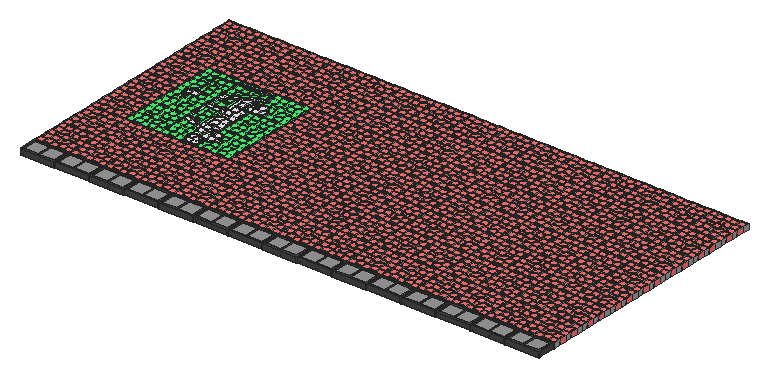
Revit family "ECORASTER® Parkplatz Typ 1 E-Auto", category Generic Models, Revit 2014
Parameters
  Width = 2200 mm
  Vertical Count = Width / Block Length  # 7
  Stein weiss = Mat_white
  Length = 5000 mm
  Horizontal Count = Length / Block Length  # 15
  E50 stones = Red
  E50 housing = Default
  E Auto Board = Green
  E Auto = White
  E = (Vertical Count * Block Length)  # 2310 mm
  D = Vertical Count * Block Length  # 2310 mm
  Bloxx halb housing = Black
  Block Length = 330 mm
Reference planes
  plane 1 "Center (Front/Back)": y = 0
  plane 2: z = 0
  plane 3 "Center (Left/Right)": x = 0
Dimensions and locks
  equal spacing: group 1, group 2, group 11, group 47, group 48, group 49, group 74  (x3)
  "Block Length": nested 1 to nested 2
  equal spacing: group 5, group 6, group 10, group 50, group 51, group 52, group 75  (x3)
  equal spacing: group 3, group 7, group 14, group 19, group 23, group 27, group 34, group 38, group 42, group 85, group 93, group 101, group 109, group 117, group 125  (x3)
  "Block Length": nested 4 to nested 2
  equal spacing: group 8, group 9, group 16, group 29, group 30, group 31, group 44, group 45, group 46, group 131, group 132, group 133, group 134, group 135, group 136  (x3)
  equal spacing: group 12, group 13, group 15, group 53, group 54, group 55, group 76  (x3)
  "Block Length": nested 10 to nested 11
  equal spacing: group 17, group 18, group 20, group 56, group 57, group 58, group 77  (x3)
  "Block Length": nested 14 to nested 15
  equal spacing: group 21, group 22, group 24, group 59, group 60, group 61, group 78  (x3)
  "Block Length": nested 17 to nested 18
  equal spacing: group 25, group 26, group 28, group 62, group 63, group 64, group 79  (x3)
  "Block Length": nested 20 to nested 21
  equal spacing: group 32, group 33, group 35, group 65, group 66, group 67, group 80  (x3)
  "Block Length": nested 26 to nested 27
  equal spacing: group 36, group 37, group 39, group 68, group 69, group 70, group 81  (x3)
  "Block Length": nested 29 to nested 30
  equal spacing: group 40, group 41, group 43, group 71, group 72, group 73, group 82  (x3)
  "Block Length": nested 32 to nested 33
  equal spacing: group 83, group 84, group 86, group 87, group 88, group 89, group 90  (x3)
  "Block Length": nested 75 to nested 76
  equal spacing: group 91, group 92, group 94, group 95, group 96, group 97, group 98  (x3)
  "Block Length": nested 82 to nested 83
  equal spacing: group 99, group 100, group 102, group 103, group 104, group 105, group 106  (x3)
  "Block Length": nested 89 to nested 90
  equal spacing: group 107, group 108, group 110, group 111, group 112, group 113, group 114  (x3)
  "Block Length": nested 96 to nested 97
  equal spacing: group 115, group 116, group 118, group 119, group 120, group 121, group 122  (x3)
  "Block Length": nested 103 to nested 104
  equal spacing: group 123, group 124, group 126, group 127, group 128, group 129, group 130  (x3)
  "Block Length": nested 110 to nested 111
  aligned and locked: plane 2 to level
Nested families
  nested 1: "E50_Red_Brick" at (-167, 165, 0), type "E50_Red_Brick"
  nested 2: "E50_Red_Brick" at (-167, 495, 0), type "E50_Red_Brick"
  nested 3: "E50_Red_Brick" at (163, 165, 0), type "E50_Red_Brick", not visible
  nested 4: "E50_Red_Brick" at (163, 165, 0), type "E50_Red_Brick"
  nested 5: "E50_Red_Brick" at (163, 495, 0), type "E50_Red_Brick"
  nested 6: "ECORASTER Half_Bloxx" at (-165, -180, 0), type "ECORASTER Half_Bloxx"
  nested 7: "ECORASTER Half_Bloxx" at (165, -180, 0), type "ECORASTER Half_Bloxx"
  nested 8: "E50_Red_Brick" at (163, 825, 0), type "E50_Red_Brick"
  nested 9: "E50_Red_Brick" at (-167, 825, 0), type "E50_Red_Brick"
  nested 10: "E50_Red_Brick" at (493, 165, 0), type "E50_Red_Brick"
  nested 11: "E50_Red_Brick" at (493, 495, 0), type "E50_Red_Brick"
  nested 12: "E50_Red_Brick" at (493, 825, 0), type "E50_Red_Brick"
  nested 13: "ECORASTER Half_Bloxx" at (495, -180, 0), type "ECORASTER Half_Bloxx"
  nested 14: "E50_Red_Brick" at (823, 165, 0), type "E50_Red_Brick"
  nested 15: "E50_Red_Brick" at (823, 495, 0), type "E50_Red_Brick"
  nested 16: "E50_Red_Brick" at (823, 825, 0), type "E50_Red_Brick"
  nested 17: "E50_Red_Brick" at (1153, 165, 0), type "E50_Red_Brick"
  nested 18: "E50_Red_Brick" at (1153, 495, 0), type "E50_Red_Brick"
  nested 19: "E50_Red_Brick" at (1153, 825, 0), type "E50_Red_Brick"
  nested 20: "E50_Red_Brick" at (1483, 165, 0), type "E50_Red_Brick"
  nested 21: "E50_Red_Brick" at (1483, 495, 0), type "E50_Red_Brick"
  nested 22: "E50_Red_Brick" at (1483, 825, 0), type "E50_Red_Brick"
  nested 23: "ECORASTER Half_Bloxx" at (825, -180, 0), type "ECORASTER Half_Bloxx"
  nested 24: "ECORASTER Half_Bloxx" at (1155, -180, 0), type "ECORASTER Half_Bloxx"
  nested 25: "ECORASTER Half_Bloxx" at (1485, -180, 0), type "ECORASTER Half_Bloxx"
  nested 26: "E50_Red_Brick" at (1813, 165, 0), type "E50_Red_Brick"
  nested 27: "E50_Red_Brick" at (1813, 495, 0), type "E50_Red_Brick"
  nested 28: "E50_Red_Brick" at (1813, 825, 0), type "E50_Red_Brick"
  nested 29: "E50_Red_Brick" at (2143, 165, 0), type "E50_Red_Brick"
  nested 30: "E50_Red_Brick" at (2143, 495, 0), type "E50_Red_Brick"
  nested 31: "E50_Red_Brick" at (2143, 825, 0), type "E50_Red_Brick"
  nested 32: "E50_Red_Brick" at (2473, 165, 0), type "E50_Red_Brick"
  nested 33: "E50_Red_Brick" at (2473, 495, 0), type "E50_Red_Brick"
  nested 34: "E50_Red_Brick" at (2473, 825, 0), type "E50_Red_Brick"
  nested 35: "ECORASTER Half_Bloxx" at (1815, -180, 0), type "ECORASTER Half_Bloxx"
  nested 36: "ECORASTER Half_Bloxx" at (2145, -180, 0), type "ECORASTER Half_Bloxx"
  nested 37: "ECORASTER Half_Bloxx" at (2475, -180, 0), type "ECORASTER Half_Bloxx"
  nested 38: "E50_Red_Brick" at (-167, 1155, 0), type "E50_Red_Brick"
  nested 39: "E50_Red_Brick" at (-167, 1485, 0), type "E50_Red_Brick"
  nested 40: "E50_Red_Brick" at (-167, 1815, 0), type "E50_Red_Brick"
  nested 41: "E50_Red_Brick" at (163, 1155, 0), type "E50_Red_Brick"
  nested 42: "E50_Red_Brick" at (163, 1485, 0), type "E50_Red_Brick"
  nested 43: "E50_Red_Brick" at (163, 1815, 0), type "E50_Red_Brick"
  nested 44: "E50_Red_Brick" at (493, 1155, 0), type "E50_Red_Brick"
  nested 45: "E50_Red_Brick" at (493, 1485, 0), type "E50_Red_Brick"
  nested 46: "E50_Red_Brick" at (493, 1815, 0), type "E50_Red_Brick"
  nested 47: "E50_Red_Brick" at (823, 1155, 0), type "E50_Red_Brick"
  nested 48: "E50_Red_Brick" at (823, 1485, 0), type "E50_Red_Brick"
  nested 49: "E50_Red_Brick" at (823, 1815, 0), type "E50_Red_Brick"
  nested 50: "E50_Red_Brick" at (1153, 1155, 0), type "E50_Red_Brick"
  nested 51: "E50_Red_Brick" at (1153, 1485, 0), type "E50_Red_Brick"
  nested 52: "E50_Red_Brick" at (1153, 1815, 0), type "E50_Red_Brick"
  nested 53: "E50_Red_Brick" at (1483, 1155, 0), type "E50_Red_Brick"
  nested 54: "E50_Red_Brick" at (1483, 1485, 0), type "E50_Red_Brick"
  nested 55: "E50_Red_Brick" at (1483, 1815, 0), type "E50_Red_Brick"
  nested 56: "E50_Red_Brick" at (1813, 1155, 0), type "E50_Red_Brick"
  nested 57: "E50_Red_Brick" at (1813, 1485, 0), type "E50_Red_Brick"
  nested 58: "E50_Red_Brick" at (1813, 1815, 0), type "E50_Red_Brick"
  nested 59: "E50_Red_Brick" at (2143, 1155, 0), type "E50_Red_Brick"
  nested 60: "E50_Red_Brick" at (2143, 1485, 0), type "E50_Red_Brick"
  nested 61: "E50_Red_Brick" at (2143, 1815, 0), type "E50_Red_Brick"
  nested 62: "E50_Red_Brick" at (2473, 1155, 0), type "E50_Red_Brick"
  nested 63: "E50_Red_Brick" at (2473, 1485, 0), type "E50_Red_Brick"
  nested 64: "E50_Red_Brick" at (2473, 1815, 0), type "E50_Red_Brick"
  nested 65: "E50_Red_Brick" at (-167, 2145, 0), type "E50_Red_Brick"
  nested 66: "E50_Red_Brick" at (163, 2145, 0), type "E50_Red_Brick"
  nested 67: "E50_Red_Brick" at (493, 2145, 0), type "E50_Red_Brick"
  nested 68: "E50_Red_Brick" at (823, 2145, 0), type "E50_Red_Brick"
  nested 69: "E50_Red_Brick" at (1153, 2145, 0), type "E50_Red_Brick"
  nested 70: "E50_Red_Brick" at (1483, 2145, 0), type "E50_Red_Brick"
  nested 71: "E50_Red_Brick" at (1813, 2145, 0), type "E50_Red_Brick"
  nested 72: "E50_Red_Brick" at (2143, 2145, 0), type "E50_Red_Brick"
  nested 73: "E50_Red_Brick" at (2473, 2145, 0), type "E50_Red_Brick"
  nested 74: "E_Auto" at (990, 660, 50) x (0, 1, 0) z (0, 0, 1), type "E_Auto"
  nested 75: "E50_Red_Brick" at (2803, 165, 0), type "E50_Red_Brick"
  nested 76: "E50_Red_Brick" at (2803, 495, 0), type "E50_Red_Brick"
  nested 77: "E50_Red_Brick" at (2803, 825, 0), type "E50_Red_Brick"
  nested 78: "E50_Red_Brick" at (2803, 1155, 0), type "E50_Red_Brick"
  nested 79: "E50_Red_Brick" at (2803, 1485, 0), type "E50_Red_Brick"
  nested 80: "E50_Red_Brick" at (2803, 1815, 0), type "E50_Red_Brick"
  nested 81: "E50_Red_Brick" at (2803, 2145, 0), type "E50_Red_Brick"
  nested 82: "E50_Red_Brick" at (3133, 165, 0), type "E50_Red_Brick"
  nested 83: "E50_Red_Brick" at (3133, 495, 0), type "E50_Red_Brick"
  nested 84: "E50_Red_Brick" at (3133, 825, 0), type "E50_Red_Brick"
  nested 85: "E50_Red_Brick" at (3133, 1155, 0), type "E50_Red_Brick"
  nested 86: "E50_Red_Brick" at (3133, 1485, 0), type "E50_Red_Brick"
  nested 87: "E50_Red_Brick" at (3133, 1815, 0), type "E50_Red_Brick"
  nested 88: "E50_Red_Brick" at (3133, 2145, 0), type "E50_Red_Brick"
  nested 89: "E50_Red_Brick" at (3463, 165, 0), type "E50_Red_Brick"
  nested 90: "E50_Red_Brick" at (3463, 495, 0), type "E50_Red_Brick"
  nested 91: "E50_Red_Brick" at (3463, 825, 0), type "E50_Red_Brick"
  nested 92: "E50_Red_Brick" at (3463, 1155, 0), type "E50_Red_Brick"
  nested 93: "E50_Red_Brick" at (3463, 1485, 0), type "E50_Red_Brick"
  nested 94: "E50_Red_Brick" at (3463, 1815, 0), type "E50_Red_Brick"
  nested 95: "E50_Red_Brick" at (3463, 2145, 0), type "E50_Red_Brick"
  nested 96: "E50_Red_Brick" at (3793, 165, 0), type "E50_Red_Brick"
  nested 97: "E50_Red_Brick" at (3793, 495, 0), type "E50_Red_Brick"
  nested 98: "E50_Red_Brick" at (3793, 825, 0), type "E50_Red_Brick"
  nested 99: "E50_Red_Brick" at (3793, 1155, 0), type "E50_Red_Brick"
  nested 100: "E50_Red_Brick" at (3793, 1485, 0), type "E50_Red_Brick"
  nested 101: "E50_Red_Brick" at (3793, 1815, 0), type "E50_Red_Brick"
  nested 102: "E50_Red_Brick" at (3793, 2145, 0), type "E50_Red_Brick"
  nested 103: "E50_Red_Brick" at (4123, 165, 0), type "E50_Red_Brick"
  nested 104: "E50_Red_Brick" at (4123, 495, 0), type "E50_Red_Brick"
  nested 105: "E50_Red_Brick" at (4123, 825, 0), type "E50_Red_Brick"
  nested 106: "E50_Red_Brick" at (4123, 1155, 0), type "E50_Red_Brick"
  nested 107: "E50_Red_Brick" at (4123, 1485, 0), type "E50_Red_Brick"
  nested 108: "E50_Red_Brick" at (4123, 1815, 0), type "E50_Red_Brick"
  nested 109: "E50_Red_Brick" at (4123, 2145, 0), type "E50_Red_Brick"
  nested 110: "E50_Red_Brick" at (4453, 165, 0), type "E50_Red_Brick"
  nested 111: "E50_Red_Brick" at (4453, 495, 0), type "E50_Red_Brick"
  nested 112: "E50_Red_Brick" at (4453, 825, 0), type "E50_Red_Brick"
  nested 113: "E50_Red_Brick" at (4453, 1155, 0), type "E50_Red_Brick"
  nested 114: "E50_Red_Brick" at (4453, 1485, 0), type "E50_Red_Brick"
  nested 115: "E50_Red_Brick" at (4453, 1815, 0), type "E50_Red_Brick"
  nested 116: "E50_Red_Brick" at (4453, 2145, 0), type "E50_Red_Brick"
  nested 117: "ECORASTER Half_Bloxx" at (2805, -180, 0), type "ECORASTER Half_Bloxx"
  nested 118: "ECORASTER Half_Bloxx" at (3135, -180, 0), type "ECORASTER Half_Bloxx"
  nested 119: "ECORASTER Half_Bloxx" at (3465, -180, 0), type "ECORASTER Half_Bloxx"
  nested 120: "ECORASTER Half_Bloxx" at (3795, -180, 0), type "ECORASTER Half_Bloxx"
  nested 121: "ECORASTER Half_Bloxx" at (4125, -180, 0), type "ECORASTER Half_Bloxx"
  nested 122: "ECORASTER Half_Bloxx" at (4455, -180, 0), type "ECORASTER Half_Bloxx"
Definition of nested family "E50_Red_Brick"
  Parameters (values of type "E50_Red_Brick")
    Model = "Ecoraster E40"
    E50 stones = Red
    E 50 housing = Default
  Reference planes
    plane 1 "Center (Front/Back)": y = 0
    plane 2: z = 0
    plane 3 "Center (Left/Right)": x = 0
  Forms (mm)
    Extrusion 1, solid, material "Default" <- "E 50 housing", detail levels fine
      sketch origin (-163, -165, 0) x (1, 0, 0) y (0, 1, 0)
        loop
          line (66, 330) -> (0, 330) -> (0, 264)
          arc (0, 264) -> (13.669, 231) -> (0, 198) r 46.669
          line (0, 198) -> (0, 132)
          arc (0, 132) -> (13.669, 99) -> (0, 66) r 46.669
          line (0, 66) -> (0, 0) -> (66, 0)
          arc (66, 0) -> (99, 13.669) -> (132, 0) r 46.669
          line (132, 0) -> (198, 0)
          arc (198, 0) -> (231, 13.669) -> (264, 0) r 46.669
          line (264, 0) -> (330, 0) -> (330, 66)
          arc (330, 66) -> (316.331, 99) -> (330, 132) r 46.669
          line (330, 132) -> (330, 198)
          arc (330, 198) -> (316.331, 231) -> (330, 264) r 46.669
          line (330, 264) -> (330, 330) -> (264, 330)
          arc (264, 330) -> (231, 316.331) -> (198, 330) r 46.669
          line (198, 330) -> (132, 330)
          arc (132, 330) -> (99, 316.331) -> (66, 330) r 46.669
        loop
          line (3, 327) -> (3, 267) -> (63, 267) -> (63, 327) -> (3, 327)
        loop
          line (66, 325.878) -> (66, 268.122) -> (75.524, 256.665)
          arc (75.524, 256.665) -> (105.011, 250.72) -> (132, 264) r 46.669
          line (132, 264) -> (132, 325.878)
          arc (132, 325.878) -> (99, 313.331) -> (66, 325.878) r 49.669
        loop
          line (195, 327) -> (135, 327) -> (135, 267) -> (195, 267) -> (195, 327)
        loop
          line (198, 325.878) -> (198, 264)
          arc (198, 264) -> (224.989, 250.72) -> (254.476, 256.665) r 46.669
          line (254.476, 256.665) -> (264, 268.122) -> (264, 325.878)
          arc (264, 325.878) -> (231, 313.331) -> (198, 325.878) r 49.669
        loop
          line (327, 327) -> (267, 327) -> (267, 267) -> (327, 267) -> (327, 327)
        loop
          line (61.878, 264) -> (4.122, 264)
          arc (4.122, 264) -> (16.669, 231) -> (4.122, 198) r 49.669
          line (4.122, 198) -> (66, 198)
          arc (66, 198) -> (79.28, 224.989) -> (73.335, 254.476) r 46.669
          line (73.335, 254.476) -> (61.878, 264)
        loop
          arc (78.021, 251.979) -> (81.922, 222.416) -> (68.19, 195.947) r 49.669
          arc (68.19, 195.947) -> (132, 198) -> (134.053, 261.81) r 46.669
          arc (134.053, 261.81) -> (107.584, 248.078) -> (78.021, 251.979) r 49.669
        loop
          arc (136.122, 264) -> (148.669, 231) -> (136.122, 198) r 49.669
          line (136.122, 198) -> (193.878, 198)
          arc (193.878, 198) -> (181.331, 231) -> (193.878, 264) r 49.669
          line (193.878, 264) -> (136.122, 264)
        loop
          arc (195.947, 261.81) -> (198, 198) -> (261.81, 195.947) r 46.669
          arc (261.81, 195.947) -> (248.078, 222.416) -> (251.979, 251.979) r 49.669
          arc (251.979, 251.979) -> (222.416, 248.078) -> (195.947, 261.81) r 49.669
        loop
          line (268.122, 264) -> (256.665, 254.476)
          arc (256.665, 254.476) -> (250.72, 224.989) -> (264, 198) r 46.669
          line (264, 198) -> (325.878, 198)
          arc (325.878, 198) -> (313.331, 231) -> (325.878, 264) r 49.669
          line (325.878, 264) -> (268.122, 264)
        loop
          line (3, 195) -> (3, 135) -> (63, 135) -> (63, 195) -> (3, 195)
        loop
          line (66, 193.878) -> (66, 136.122)
          arc (66, 136.122) -> (99, 148.669) -> (132, 136.122) r 49.669
          line (132, 136.122) -> (132, 193.878)
          arc (132, 193.878) -> (99, 181.331) -> (66, 193.878) r 49.669
        loop
          line (195, 195) -> (135, 195) -> (135, 135) -> (195, 135) -> (195, 195)
        loop
          line (198, 193.878) -> (198, 136.122)
          arc (198, 136.122) -> (231, 148.669) -> (264, 136.122) r 49.669
          line (264, 136.122) -> (264, 193.878)
          arc (264, 193.878) -> (231, 181.331) -> (198, 193.878) r 49.669
        loop
          line (327, 195) -> (267, 195) -> (267, 135) -> (327, 135) -> (327, 195)
        loop
          line (66, 132) -> (4.122, 132)
          arc (4.122, 132) -> (16.669, 99) -> (4.122, 66) r 49.669
          line (4.122, 66) -> (61.878, 66) -> (73.335, 75.524)
          arc (73.335, 75.524) -> (79.28, 105.011) -> (66, 132) r 46.669
        loop
          arc (134.053, 68.19) -> (132, 132) -> (68.19, 134.053) r 46.669
          arc (68.19, 134.053) -> (81.922, 107.584) -> (78.021, 78.021) r 49.669
          arc (78.021, 78.021) -> (107.584, 81.922) -> (134.053, 68.19) r 49.669
        loop
          arc (136.122, 132) -> (148.669, 99) -> (136.122, 66) r 49.669
          line (136.122, 66) -> (193.878, 66)
          arc (193.878, 66) -> (181.331, 99) -> (193.878, 132) r 49.669
          line (193.878, 132) -> (136.122, 132)
        loop
          arc (261.81, 134.053) -> (198, 132) -> (195.947, 68.19) r 46.669
          arc (195.947, 68.19) -> (222.416, 81.922) -> (251.979, 78.021) r 49.669
          arc (251.979, 78.021) -> (248.078, 107.584) -> (261.81, 134.053) r 49.669
        loop
          arc (264, 132) -> (250.72, 105.011) -> (256.665, 75.524) r 46.669
          line (256.665, 75.524) -> (268.122, 66) -> (325.878, 66)
          arc (325.878, 66) -> (313.331, 99) -> (325.878, 132) r 49.669
          line (325.878, 132) -> (264, 132)
        loop
          line (63, 63) -> (3, 63) -> (3, 3) -> (63, 3) -> (63, 63)
        loop
          arc (132, 66) -> (105.011, 79.28) -> (75.524, 73.335) r 46.669
          line (75.524, 73.335) -> (66, 61.878) -> (66, 4.122)
          arc (66, 4.122) -> (99, 16.669) -> (132, 4.122) r 49.669
          line (132, 4.122) -> (132, 66)
        loop
          line (135, 63) -> (135, 3) -> (195, 3) -> (195, 63) -> (135, 63)
        loop
          arc (254.476, 73.335) -> (224.989, 79.28) -> (198, 66) r 46.669
          line (198, 66) -> (198, 4.122)
          arc (198, 4.122) -> (231, 16.669) -> (264, 4.122) r 49.669
          line (264, 4.122) -> (264, 61.878) -> (254.476, 73.335)
        loop
          line (267, 63) -> (267, 3) -> (327, 3) -> (327, 63) -> (267, 63)
      from 0 to 50
    Extrusion 2, void, detail levels fine
      sketch origin (-163, -165, 0) x (1, 0, 0) y (0, 1, 0)
        loop
          line (0, 299) -> (0, 295) -> (3, 295) -> (3, 299) -> (0, 299)
      from 0 to 20
    Extrusion 3, void, detail levels fine
      sketch origin (-163, -297, 0) x (1, 0, 0) y (0, 1, 0)
        loop
          line (0, 299) -> (0, 295) -> (3, 295) -> (3, 299) -> (0, 299)
      from 0 to 20
    Extrusion 4, void, detail levels fine
      sketch origin (-163, -429, 0) x (1, 0, 0) y (0, 1, 0)
        loop
          line (0, 299) -> (0, 295) -> (3, 295) -> (3, 299) -> (0, 299)
      from 0 to 20
    Extrusion 5, void, detail levels fine
      sketch origin (-427, -162, 0) x (0, -1, 0) y (1, 0, 0)
        loop
          line (0, 299) -> (0, 295) -> (3, 295) -> (3, 299) -> (0, 299)
      from 0 to 20
    Extrusion 6, void, detail levels fine
      sketch origin (-295, -162, 0) x (0, -1, 0) y (1, 0, 0)
        loop
          line (0, 299) -> (0, 295) -> (3, 295) -> (3, 299) -> (0, 299)
      from 0 to 20
    Extrusion 7, void, detail levels fine
      sketch origin (-163, -162, 0) x (0, -1, 0) y (1, 0, 0)
        loop
          line (0, 299) -> (0, 295) -> (3, 295) -> (3, 299) -> (0, 299)
      from 0 to 20
    Extrusion 8, solid, material "Default" <- "E 50 housing", detail levels coarse
      sketch origin (-163, -165, 0) x (1, 0, 0) y (0, 1, 0)
        loop
          line (0, 330) -> (0, 0) -> (330, 0) -> (330, 330) -> (0, 330)
      from 0 to 50
    Extrusion 9, solid, material "Default" <- "E 50 housing", detail levels medium
      sketch origin (-163, -165, 0) x (1, 0, 0) y (0, 1, 0)
        loop
          line (66, 330) -> (0, 330) -> (0, 264)
          arc (0, 264) -> (13.669, 231) -> (0, 198) r 46.669
          line (0, 198) -> (0, 132)
          arc (0, 132) -> (13.669, 99) -> (0, 66) r 46.669
          line (0, 66) -> (0, 0) -> (66, 0)
          arc (66, 0) -> (99, 13.669) -> (132, 0) r 46.669
          line (132, 0) -> (198, 0)
          arc (198, 0) -> (231, 13.669) -> (264, 0) r 46.669
          line (264, 0) -> (330, 0) -> (330, 66)
          arc (330, 66) -> (316.331, 99) -> (330, 132) r 46.669
          line (330, 132) -> (330, 198)
          arc (330, 198) -> (316.331, 231) -> (330, 264) r 46.669
          line (330, 264) -> (330, 330) -> (264, 330)
          arc (264, 330) -> (231, 316.331) -> (198, 330) r 46.669
          line (198, 330) -> (132, 330)
          arc (132, 330) -> (99, 316.331) -> (66, 330) r 46.669
      from 0 to 50
    Extrusion 10, solid, material "Red" <- "E50 stones", detail levels fine
      sketch origin (0, 0, 0) x (1, 0, 0) y (0, 1, 0)
        loop
          line (-100, 102) -> (-100, 162) -> (-160, 162) -> (-160, 102) -> (-100, 102)
        loop
          line (-31, 99) -> (-31, 160.878)
          arc (-31, 160.878) -> (-64, 148.331) -> (-97, 160.878) r 49.669
          line (-97, 160.878) -> (-97, 103.122) -> (-87.476, 91.665)
          arc (-87.476, 91.665) -> (-57.989, 85.72) -> (-31, 99) r 46.669
        loop
          line (32, 102) -> (32, 162) -> (-28, 162) -> (-28, 102) -> (32, 102)
        loop
          line (91.476, 91.665) -> (101, 103.122) -> (101, 160.878)
          arc (101, 160.878) -> (68, 148.331) -> (35, 160.878) r 49.669
          line (35, 160.878) -> (35, 99)
          arc (35, 99) -> (61.989, 85.72) -> (91.476, 91.665) r 46.669
        loop
          line (164, 102) -> (164, 162) -> (104, 162) -> (104, 102) -> (164, 102)
        loop
          line (101, 33) -> (162.878, 33)
          arc (162.878, 33) -> (150.331, 66) -> (162.878, 99) r 49.669
          line (162.878, 99) -> (105.122, 99) -> (93.665, 89.476)
          arc (93.665, 89.476) -> (87.72, 59.989) -> (101, 33) r 46.669
        loop
          arc (98.81, 30.947) -> (85.078, 57.416) -> (88.979, 86.979) r 49.669
          arc (88.979, 86.979) -> (59.416, 83.078) -> (32.947, 96.81) r 49.669
          arc (32.947, 96.81) -> (35, 33) -> (98.81, 30.947) r 46.669
        loop
          arc (30.878, 33) -> (18.331, 66) -> (30.878, 99) r 49.669
          line (30.878, 99) -> (-26.878, 99)
          arc (-26.878, 99) -> (-14.331, 66) -> (-26.878, 33) r 49.669
          line (-26.878, 33) -> (30.878, 33)
        loop
          arc (-28.947, 96.81) -> (-55.416, 83.078) -> (-84.979, 86.979) r 49.669
          arc (-84.979, 86.979) -> (-81.078, 57.416) -> (-94.81, 30.947) r 49.669
          arc (-94.81, 30.947) -> (-31, 33) -> (-28.947, 96.81) r 46.669
        loop
          arc (-97, 33) -> (-83.72, 59.989) -> (-89.665, 89.476) r 46.669
          line (-89.665, 89.476) -> (-101.122, 99) -> (-158.878, 99)
          arc (-158.878, 99) -> (-146.331, 66) -> (-158.878, 33) r 49.669
          line (-158.878, 33) -> (-97, 33)
        loop
          arc (-158.878, -33) -> (-146.331, -66) -> (-158.878, -99) r 49.669
          line (-158.878, -99) -> (-101.122, -99) -> (-89.665, -89.476)
          arc (-89.665, -89.476) -> (-83.72, -59.989) -> (-97, -33) r 46.669
          line (-97, -33) -> (-158.878, -33)
        loop
          line (-100, -30) -> (-100, 30) -> (-160, 30) -> (-160, -30) -> (-100, -30)
        loop
          line (-31, -28.878) -> (-31, 28.878)
          arc (-31, 28.878) -> (-64, 16.331) -> (-97, 28.878) r 49.669
          line (-97, 28.878) -> (-97, -28.878)
          arc (-97, -28.878) -> (-64, -16.331) -> (-31, -28.878) r 49.669
        loop
          line (32, -30) -> (32, 30) -> (-28, 30) -> (-28, -30) -> (32, -30)
        loop
          line (101, -28.878) -> (101, 28.878)
          arc (101, 28.878) -> (68, 16.331) -> (35, 28.878) r 49.669
          line (35, 28.878) -> (35, -28.878)
          arc (35, -28.878) -> (68, -16.331) -> (101, -28.878) r 49.669
        loop
          line (164, -30) -> (164, 30) -> (104, 30) -> (104, -30) -> (164, -30)
        loop
          line (93.665, -89.476) -> (105.122, -99) -> (162.878, -99)
          arc (162.878, -99) -> (150.331, -66) -> (162.878, -33) r 49.669
          line (162.878, -33) -> (101, -33)
          arc (101, -33) -> (87.72, -59.989) -> (93.665, -89.476) r 46.669
        loop
          arc (88.979, -86.979) -> (85.078, -57.416) -> (98.81, -30.947) r 49.669
          arc (98.81, -30.947) -> (35, -33) -> (32.947, -96.81) r 46.669
          arc (32.947, -96.81) -> (59.416, -83.078) -> (88.979, -86.979) r 49.669
        loop
          line (30.878, -33) -> (-26.878, -33)
          arc (-26.878, -33) -> (-14.331, -66) -> (-26.878, -99) r 49.669
          line (-26.878, -99) -> (30.878, -99)
          arc (30.878, -99) -> (18.331, -66) -> (30.878, -33) r 49.669
        loop
          arc (-94.81, -30.947) -> (-81.078, -57.416) -> (-84.979, -86.979) r 49.669
          arc (-84.979, -86.979) -> (-55.416, -83.078) -> (-28.947, -96.81) r 49.669
          arc (-28.947, -96.81) -> (-31, -33) -> (-94.81, -30.947) r 46.669
        loop
          line (-100, -102) -> (-160, -102) -> (-160, -162) -> (-100, -162) -> (-100, -102)
        loop
          line (-97, -103.122) -> (-97, -160.878)
          arc (-97, -160.878) -> (-64, -148.331) -> (-31, -160.878) r 49.669
          line (-31, -160.878) -> (-31, -99)
          arc (-31, -99) -> (-57.989, -85.72) -> (-87.476, -91.665) r 46.669
          line (-87.476, -91.665) -> (-97, -103.122)
        loop
          line (-28, -102) -> (-28, -162) -> (32, -162) -> (32, -102) -> (-28, -102)
        loop
          line (35, -99) -> (35, -160.878)
          arc (35, -160.878) -> (68, -148.331) -> (101, -160.878) r 49.669
          line (101, -160.878) -> (101, -103.122) -> (91.476, -91.665)
          arc (91.476, -91.665) -> (61.989, -85.72) -> (35, -99) r 46.669
        loop
          line (104, -102) -> (104, -162) -> (164, -162) -> (164, -102) -> (104, -102)
        loop
          line (-31, 165) -> (-97, 165)
          arc (-97, 165) -> (-64, 151.331) -> (-31, 165) r 46.669
        loop
          line (101, 165) -> (35, 165)
          arc (35, 165) -> (68, 151.331) -> (101, 165) r 46.669
        loop
          line (167, 33) -> (167, 99)
          arc (167, 99) -> (153.331, 66) -> (167, 33) r 46.669
        loop
          line (167, -99) -> (167, -33)
          arc (167, -33) -> (153.331, -66) -> (167, -99) r 46.669
        loop
          line (35, -165) -> (101, -165)
          arc (101, -165) -> (68, -151.331) -> (35, -165) r 46.669
        loop
          line (-97, -165) -> (-31, -165)
          arc (-31, -165) -> (-64, -151.331) -> (-97, -165) r 46.669
        loop
          line (-163, -33) -> (-163, -99)
          arc (-163, -99) -> (-149.331, -66) -> (-163, -33) r 46.669
        loop
          line (-163, 99) -> (-163, 33)
          arc (-163, 33) -> (-149.331, 66) -> (-163, 99) r 46.669
      from 0 to 50
  Cuts and joins
    Extrusion 2, Extrusion 3, Extrusion 4, Extrusion 5, Extrusion 6, Extrusion 7 cuts Extrusion 1
  Dimensions and locks
    aligned and locked: Extrusion 8 to cut or joined group of Extrusion 1, Extrusion 2, Extrusion 3, Extrusion 4, Extrusion 5, Extrusion 6, Extrusion 7
Definition of nested family "ECORASTER Half_Bloxx"
  Parameters (values of type "ECORASTER Half_Bloxx")
    Stein weiss = Mat_white
    Bloxx halb housing = Black
  Reference planes
    plane 1 "Center (Front/Back)": y = 0
    plane 2: z = 0
    plane 3 "Center (Left/Right)": x = 0
  Forms (mm)
    Extrusion 1, solid, material "Black" <- "Bloxx halb housing", detail levels fine
      sketch origin (0, 12.645, 0) x (1, 0, 0) y (0, 1, 0)
        loop
          spline (-158.001, 167.355) -> (-158.915, 167.295) -> (-159.813, 167.117) -> (-160.68, 166.823) -> (-161.501, 166.418) -> (-162.262, 165.909) -> (-162.95, 165.305) -> (-163.554, 164.617) -> (-164.062, 163.856) -> (-164.467, 163.035) -> (-164.762, 162.168) -> (-164.94, 161.27) -> (-165, 160.356)
          line (-165, 160.356) -> (-165, -5.646)
          spline (-165, -5.646) -> (-164.94, -6.559) -> (-164.762, -7.457) -> (-164.467, -8.324) -> (-164.062, -9.145) -> (-163.554, -9.907) -> (-162.95, -10.595) -> (-162.262, -11.198) -> (-161.501, -11.707) -> (-160.68, -12.112) -> (-159.813, -12.406) -> (-158.915, -12.585) -> (-158.001, -12.645)
          line (-158.001, -12.645) -> (158.001, -12.645)
          spline (158.001, -12.645) -> (158.915, -12.585) -> (159.813, -12.406) -> (160.68, -12.112) -> (161.501, -11.707) -> (162.262, -11.198) -> (162.95, -10.595) -> (163.554, -9.907) -> (164.062, -9.145) -> (164.467, -8.324) -> (164.762, -7.457) -> (164.94, -6.559) -> (165, -5.646)
          line (165, -5.646) -> (165, 160.356)
          spline (165, 160.356) -> (164.94, 161.27) -> (164.762, 162.168) -> (164.467, 163.035) -> (164.062, 163.856) -> (163.554, 164.617) -> (162.95, 165.305) -> (162.262, 165.909) -> (161.501, 166.418) -> (160.68, 166.823) -> (159.813, 167.117) -> (158.915, 167.295) -> (158.001, 167.355)
          line (158.001, 167.355) -> (-158.001, 167.355)
        loop
          spline (-145.384, 148.384) -> (-145.776, 148.358) -> (-146.161, 148.282) -> (-146.532, 148.156) -> (-146.884, 147.982) -> (-147.211, 147.764) -> (-147.506, 147.506) -> (-147.764, 147.211) -> (-147.982, 146.884) -> (-148.156, 146.532) -> (-148.282, 146.161) -> (-148.358, 145.776) -> (-148.384, 145.384)
          line (-148.384, 145.384) -> (-148.384, 5.474)
          arc (-148.384, 5.474) -> (-147.505, 3.353) -> (-145.384, 2.474) r 3
          line (-145.384, 2.474) -> (-5.474, 2.474)
          arc (-5.474, 2.474) -> (-3.353, 3.353) -> (-2.474, 5.474) r 3
          line (-2.474, 5.474) -> (-2.474, 145.384)
          arc (-2.474, 145.384) -> (-3.353, 147.505) -> (-5.474, 148.384) r 3
          line (-5.474, 148.384) -> (-145.384, 148.384)
        loop
          line (145.384, 148.384) -> (5.474, 148.384)
          arc (5.474, 148.384) -> (3.353, 147.505) -> (2.474, 145.384) r 3
          line (2.474, 145.384) -> (2.474, 5.474)
          arc (2.474, 5.474) -> (3.353, 3.353) -> (5.474, 2.474) r 3
          line (5.474, 2.474) -> (145.384, 2.474)
          arc (145.384, 2.474) -> (147.505, 3.353) -> (148.384, 5.474) r 3
          line (148.384, 5.474) -> (148.384, 145.384)
          spline (148.384, 145.384) -> (148.358, 145.776) -> (148.282, 146.161) -> (148.156, 146.532) -> (147.982, 146.884) -> (147.764, 147.211) -> (147.506, 147.506) -> (147.211, 147.764) -> (146.884, 147.982) -> (146.532, 148.156) -> (146.161, 148.282) -> (145.776, 148.358) -> (145.384, 148.384)
      from 0 to 50
    Extrusion 2, solid, material "Black" <- "Bloxx halb housing", detail levels fine
      sketch origin (0, 12.645, 0) x (1, 0, 0) y (0, 1, 0)
        loop
          arc (-54.55, 109.477) -> (-50.722, 108.655) -> (-47.202, 110.369) r 6
          line (-47.202, 110.369) -> (-30.523, 127.048)
          spline (-30.523, 127.048) -> (-30.081, 127.584) -> (-29.752, 128.191) -> (-29.548, 128.848) -> (-29.476, 129.529) -> (-29.54, 130.209) -> (-29.736, 130.861) -> (-30.058, 131.461) -> (-30.494, 131.986) -> (-31.026, 132.417) -> (-31.635, 132.737) -> (-32.297, 132.934) -> (-32.989, 133)
          line (-32.989, 133) -> (-117.511, 133)
          spline (-117.511, 133) -> (-118.203, 132.934) -> (-118.865, 132.737) -> (-119.474, 132.417) -> (-120.006, 131.986) -> (-120.442, 131.461) -> (-120.764, 130.861) -> (-120.96, 130.209) -> (-121.024, 129.529) -> (-120.952, 128.848) -> (-120.748, 128.191) -> (-120.419, 127.584) -> (-119.977, 127.048)
          line (-119.977, 127.048) -> (-103.298, 110.369)
          arc (-103.298, 110.369) -> (-99.778, 108.655) -> (-95.95, 109.477) r 6
          arc (-95.95, 109.477) -> (-75.25, 115.25) -> (-54.55, 109.477) r 40
        loop
          spline (-127.048, 119.977) -> (-127.584, 120.419) -> (-128.191, 120.748) -> (-128.848, 120.952) -> (-129.529, 121.024) -> (-130.209, 120.96) -> (-130.861, 120.764) -> (-131.461, 120.442) -> (-131.986, 120.006) -> (-132.417, 119.474) -> (-132.737, 118.865) -> (-132.934, 118.203) -> (-133, 117.511)
          line (-133, 117.511) -> (-133, 32.989)
          spline (-133, 32.989) -> (-132.934, 32.297) -> (-132.737, 31.635) -> (-132.417, 31.026) -> (-131.986, 30.494) -> (-131.461, 30.058) -> (-130.861, 29.736) -> (-130.209, 29.54) -> (-129.529, 29.476) -> (-128.848, 29.548) -> (-128.191, 29.752) -> (-127.584, 30.081) -> (-127.048, 30.523)
          line (-127.048, 30.523) -> (-110.369, 47.202)
          arc (-110.369, 47.202) -> (-108.655, 50.722) -> (-109.477, 54.55) r 6
          arc (-109.477, 54.55) -> (-115.25, 75.25) -> (-109.477, 95.95) r 40
          arc (-109.477, 95.95) -> (-108.655, 99.778) -> (-110.369, 103.298) r 6
          line (-110.369, 103.298) -> (-127.048, 119.977)
        loop
          circle (-75.25, 75.25) r 30
        loop
          spline (-119.977, 23.452) -> (-120.419, 22.916) -> (-120.748, 22.309) -> (-120.952, 21.652) -> (-121.024, 20.971) -> (-120.96, 20.291) -> (-120.764, 19.639) -> (-120.442, 19.039) -> (-120.006, 18.514) -> (-119.474, 18.083) -> (-118.865, 17.763) -> (-118.203, 17.566) -> (-117.511, 17.5)
          line (-117.511, 17.5) -> (-32.989, 17.5)
          spline (-32.989, 17.5) -> (-32.297, 17.566) -> (-31.635, 17.763) -> (-31.026, 18.083) -> (-30.494, 18.514) -> (-30.058, 19.039) -> (-29.736, 19.639) -> (-29.54, 20.291) -> (-29.476, 20.971) -> (-29.548, 21.652) -> (-29.752, 22.309) -> (-30.081, 22.916) -> (-30.523, 23.452)
          line (-30.523, 23.452) -> (-47.202, 40.131)
          arc (-47.202, 40.131) -> (-50.722, 41.845) -> (-54.55, 41.023) r 6
          arc (-54.55, 41.023) -> (-75.25, 35.25) -> (-95.95, 41.023) r 40
          arc (-95.95, 41.023) -> (-99.778, 41.845) -> (-103.298, 40.131) r 6
          line (-103.298, 40.131) -> (-119.977, 23.452)
        loop
          spline (-17.5, 117.511) -> (-17.566, 118.203) -> (-17.763, 118.865) -> (-18.083, 119.474) -> (-18.514, 120.006) -> (-19.039, 120.442) -> (-19.639, 120.764) -> (-20.291, 120.96) -> (-20.971, 121.024) -> (-21.652, 120.952) -> (-22.309, 120.748) -> (-22.916, 120.419) -> (-23.452, 119.977)
          line (-23.452, 119.977) -> (-40.131, 103.298)
          arc (-40.131, 103.298) -> (-41.845, 99.778) -> (-41.023, 95.95) r 6
          arc (-41.023, 95.95) -> (-35.25, 75.25) -> (-41.023, 54.55) r 40
          arc (-41.023, 54.55) -> (-41.845, 50.722) -> (-40.131, 47.202) r 6
          line (-40.131, 47.202) -> (-23.452, 30.523)
          spline (-23.452, 30.523) -> (-22.916, 30.081) -> (-22.309, 29.752) -> (-21.652, 29.548) -> (-20.971, 29.476) -> (-20.291, 29.54) -> (-19.639, 29.736) -> (-19.039, 30.058) -> (-18.514, 30.494) -> (-18.083, 31.026) -> (-17.763, 31.635) -> (-17.566, 32.297) -> (-17.5, 32.989)
          line (-17.5, 32.989) -> (-17.5, 117.511)
        loop
          spline (-145.384, 148.384) -> (-145.776, 148.358) -> (-146.161, 148.282) -> (-146.532, 148.156) -> (-146.884, 147.982) -> (-147.211, 147.764) -> (-147.506, 147.506) -> (-147.764, 147.211) -> (-147.982, 146.884) -> (-148.156, 146.532) -> (-148.282, 146.161) -> (-148.358, 145.776) -> (-148.384, 145.384)
          line (-148.384, 145.384) -> (-148.384, 5.474)
          arc (-148.384, 5.474) -> (-147.505, 3.353) -> (-145.384, 2.474) r 3
          line (-145.384, 2.474) -> (-5.474, 2.474)
          arc (-5.474, 2.474) -> (-3.353, 3.353) -> (-2.474, 5.474) r 3
          line (-2.474, 5.474) -> (-2.474, 145.384)
          arc (-2.474, 145.384) -> (-3.353, 147.505) -> (-5.474, 148.384) r 3
          line (-5.474, 148.384) -> (-145.384, 148.384)
        loop
          arc (54.55, 109.477) -> (75.25, 115.25) -> (95.95, 109.477) r 40
          arc (95.95, 109.477) -> (99.778, 108.655) -> (103.298, 110.369) r 6
          line (103.298, 110.369) -> (119.977, 127.048)
          spline (119.977, 127.048) -> (120.419, 127.584) -> (120.748, 128.191) -> (120.952, 128.848) -> (121.024, 129.529) -> (120.96, 130.209) -> (120.764, 130.861) -> (120.442, 131.461) -> (120.006, 131.986) -> (119.474, 132.417) -> (118.865, 132.737) -> (118.203, 132.934) -> (117.511, 133)
          line (117.511, 133) -> (32.989, 133)
          spline (32.989, 133) -> (32.297, 132.934) -> (31.635, 132.737) -> (31.026, 132.417) -> (30.494, 131.986) -> (30.058, 131.461) -> (29.736, 130.861) -> (29.54, 130.209) -> (29.476, 129.529) -> (29.548, 128.848) -> (29.752, 128.191) -> (30.081, 127.584) -> (30.523, 127.048)
          line (30.523, 127.048) -> (47.202, 110.369)
          arc (47.202, 110.369) -> (50.722, 108.655) -> (54.55, 109.477) r 6
        loop
          line (127.048, 119.977) -> (110.369, 103.298)
          arc (110.369, 103.298) -> (108.655, 99.778) -> (109.477, 95.95) r 6
          arc (109.477, 95.95) -> (115.25, 75.25) -> (109.477, 54.55) r 40
          arc (109.477, 54.55) -> (108.655, 50.722) -> (110.369, 47.202) r 6
          line (110.369, 47.202) -> (127.048, 30.523)
          spline (127.048, 30.523) -> (127.584, 30.081) -> (128.191, 29.752) -> (128.848, 29.548) -> (129.529, 29.476) -> (130.209, 29.54) -> (130.861, 29.736) -> (131.461, 30.058) -> (131.986, 30.494) -> (132.417, 31.026) -> (132.737, 31.635) -> (132.934, 32.297) -> (133, 32.989)
          line (133, 32.989) -> (133, 117.511)
          spline (133, 117.511) -> (132.934, 118.203) -> (132.737, 118.865) -> (132.417, 119.474) -> (131.986, 120.006) -> (131.461, 120.442) -> (130.861, 120.764) -> (130.209, 120.96) -> (129.529, 121.024) -> (128.848, 120.952) -> (128.191, 120.748) -> (127.584, 120.419) -> (127.048, 119.977)
        loop
          circle (75.25, 75.25) r 30
        loop
          line (119.977, 23.452) -> (103.298, 40.131)
          arc (103.298, 40.131) -> (99.778, 41.845) -> (95.95, 41.023) r 6
          arc (95.95, 41.023) -> (75.25, 35.25) -> (54.55, 41.023) r 40
          arc (54.55, 41.023) -> (50.722, 41.845) -> (47.202, 40.131) r 6
          line (47.202, 40.131) -> (30.523, 23.452)
          spline (30.523, 23.452) -> (30.081, 22.916) -> (29.752, 22.309) -> (29.548, 21.652) -> (29.476, 20.971) -> (29.54, 20.291) -> (29.736, 19.639) -> (30.058, 19.039) -> (30.494, 18.514) -> (31.026, 18.083) -> (31.635, 17.763) -> (32.297, 17.566) -> (32.989, 17.5)
          line (32.989, 17.5) -> (117.511, 17.5)
          spline (117.511, 17.5) -> (118.203, 17.566) -> (118.865, 17.763) -> (119.474, 18.083) -> (120.006, 18.514) -> (120.442, 19.039) -> (120.764, 19.639) -> (120.96, 20.291) -> (121.024, 20.971) -> (120.952, 21.652) -> (120.748, 22.309) -> (120.419, 22.916) -> (119.977, 23.452)
        loop
          line (17.5, 117.511) -> (17.5, 32.989)
          spline (17.5, 32.989) -> (17.566, 32.297) -> (17.763, 31.635) -> (18.083, 31.026) -> (18.514, 30.494) -> (19.039, 30.058) -> (19.639, 29.736) -> (20.291, 29.54) -> (20.971, 29.476) -> (21.652, 29.548) -> (22.309, 29.752) -> (22.916, 30.081) -> (23.452, 30.523)
          line (23.452, 30.523) -> (40.131, 47.202)
          arc (40.131, 47.202) -> (41.845, 50.722) -> (41.023, 54.55) r 6
          arc (41.023, 54.55) -> (35.25, 75.25) -> (41.023, 95.95) r 40
          arc (41.023, 95.95) -> (41.845, 99.778) -> (40.131, 103.298) r 6
          line (40.131, 103.298) -> (23.452, 119.977)
          spline (23.452, 119.977) -> (22.916, 120.419) -> (22.309, 120.748) -> (21.652, 120.952) -> (20.971, 121.024) -> (20.291, 120.96) -> (19.639, 120.764) -> (19.039, 120.442) -> (18.514, 120.006) -> (18.083, 119.474) -> (17.763, 118.865) -> (17.566, 118.203) -> (17.5, 117.511)
        loop
          line (145.384, 148.384) -> (5.474, 148.384)
          arc (5.474, 148.384) -> (3.353, 147.505) -> (2.474, 145.384) r 3
          line (2.474, 145.384) -> (2.474, 5.474)
          arc (2.474, 5.474) -> (3.353, 3.353) -> (5.474, 2.474) r 3
          line (5.474, 2.474) -> (145.384, 2.474)
          arc (145.384, 2.474) -> (147.505, 3.353) -> (148.384, 5.474) r 3
          line (148.384, 5.474) -> (148.384, 145.384)
          spline (148.384, 145.384) -> (148.358, 145.776) -> (148.282, 146.161) -> (148.156, 146.532) -> (147.982, 146.884) -> (147.764, 147.211) -> (147.506, 147.506) -> (147.211, 147.764) -> (146.884, 147.982) -> (146.532, 148.156) -> (146.161, 148.282) -> (145.776, 148.358) -> (145.384, 148.384)
      from 0 to 2
    Extrusion 3, solid, material "Black" <- "Bloxx halb housing", detail levels coarse+medium
      sketch origin (60.454, -345.242, 0) x (1, 0, 0) y (0, 1, 0)
        loop
          line (-225.454, 525.242) -> (-225.454, 345.242) -> (104.546, 345.242) -> (104.546, 525.242) -> (-225.454, 525.242)
      from 0 to 50
    Extrusion 4, solid, material "Mat_white" <- "Stein weiss", detail levels fine
      sketch origin (343.297, -169.339, 2) x (1, 0, 0) y (0, 1, 0)
        loop
          line (-489.726, 328.413) -> (-489.726, 186.413) -> (-347.726, 186.413) -> (-347.726, 328.413) -> (-489.726, 328.413)
      from 0 to 45
    Extrusion 5, solid, material "Mat_white" <- "Stein weiss", detail levels fine
      sketch origin (494.155, -169.339, 2) x (1, 0, 0) y (0, 1, 0)
        loop
          line (-489.726, 328.413) -> (-489.726, 186.413) -> (-347.726, 186.413) -> (-347.726, 328.413) -> (-489.726, 328.413)
      from 0 to 45
Definition of nested family "E_Auto"
  Parameters (values of type "E_Auto")
    E Auto Board = Green
    E Auto = White
  Reference planes
    plane 1 "Center (Front/Back)": y = 0
    plane 2: z = 0
    plane 3 "Center (Left/Right)": x = 0
  Forms (mm)
    Extrusion 1, solid, material "Green" <- "E Auto Board"
      sketch origin (0, 0, 0) x (1, 0, 0) y (0, 1, 0)
        loop
          line (0, 990) -> (0, 0) -> (990, 0) -> (990, 990) -> (0, 990)
        loop
          line (296.679, 314.057) -> (615.615, 314.057)
          arc (615.615, 314.057) -> (727.533, 410.105) -> (839.235, 313.806) r 113.081
          line (839.235, 313.806) -> (840.701, 313.806) -> (869.688, 313.806) -> (869.688, 341.02) -> (959.164, 341.02) -> (948.013, 495.232) -> (943.529, 645.488) -> (930.41, 796.265) -> (925.563, 877.521) -> (841.612, 847.048) -> (686.578, 853.147) -> (670.773, 899.164) -> (599.785, 901.532) -> (599.785, 889.032) -> (547.104, 889.032) -> (546.893, 865.513) -> (595.668, 865.077) -> (595.202, 813.049) -> (548.233, 813.049) -> (548.233, 797.65) -> (597.712, 801.6) -> (599.656, 777.249) -> (665.511, 782.017) -> (685.273, 838.374) -> (846.874, 828.99) -> (910.212, 851.65) -> (913.167, 791.613) -> (928.403, 637.23) -> (934.403, 478.344) -> (941.612, 354.052) -> (869.688, 353.718) -> (869.688, 419.935) -> (752.099, 595.955) -> (752.099, 662.442) -> (295.722, 662.442) -> (225.721, 463.133) -> (17.628, 443.939) -> (19.586, 315.783) -> (71.953, 316.583)
          arc (71.953, 316.583) -> (185.343, 406.719) -> (296.679, 314.057) r 114.774
        loop
          circle (186.69, 305.51) r 81.062
        loop
          circle (724.446, 298.476) r 81.062
        loop
          line (268.806, 493.533) -> (518.955, 491.028) -> (520.324, 627.772) -> (320.435, 629.773) -> (268.806, 493.533)
        loop
          line (562.651, 493.468) -> (771.694, 493.468) -> (681.961, 629.203) -> (564.183, 629.203) -> (562.651, 493.468)
      from 0 to 1
    Extrusion 2, solid, material "White" <- "E Auto"
      sketch origin (0, 0, 0) x (1, 0, 0) y (0, 1, 0)
        loop
          line (225.721, 463.133) -> (17.628, 443.939) -> (19.586, 315.783) -> (71.953, 316.583)
          arc (71.953, 316.583) -> (185.343, 406.719) -> (296.679, 314.057) r 114.774
          line (296.679, 314.057) -> (615.615, 314.057)
          arc (615.615, 314.057) -> (727.533, 410.105) -> (839.235, 313.806) r 113.081
          line (839.235, 313.806) -> (840.701, 313.806) -> (869.688, 313.806) -> (869.688, 341.02) -> (959.164, 341.02) -> (948.013, 495.232) -> (943.529, 645.488) -> (930.41, 796.265) -> (925.563, 877.521) -> (841.612, 847.048) -> (686.578, 853.147) -> (670.773, 899.164) -> (599.785, 901.532) -> (599.785, 889.032) -> (547.104, 889.032) -> (546.893, 865.513) -> (595.668, 865.077) -> (595.202, 813.049) -> (548.233, 813.049) -> (548.233, 797.65) -> (597.712, 801.6) -> (599.656, 777.249) -> (665.511, 782.017) -> (685.273, 838.374) -> (846.874, 828.99) -> (910.212, 851.65) -> (913.167, 791.613) -> (928.403, 637.23) -> (934.403, 478.344) -> (941.612, 354.052) -> (869.688, 353.718) -> (869.688, 419.935) -> (752.099, 595.955) -> (752.099, 662.442) -> (295.722, 662.442) -> (225.721, 463.133)
        loop
          circle (186.69, 305.51) r 81.062
        loop
          circle (724.446, 298.476) r 81.062
        loop
          line (268.806, 493.533) -> (518.955, 491.028) -> (520.324, 627.772) -> (320.435, 629.773) -> (268.806, 493.533)
        loop
          line (562.651, 493.468) -> (771.694, 493.468) -> (681.961, 629.203) -> (564.183, 629.203) -> (562.651, 493.468)
      from 0 to 1
  Dimensions and locks
    aligned and locked: plane 2 to level
